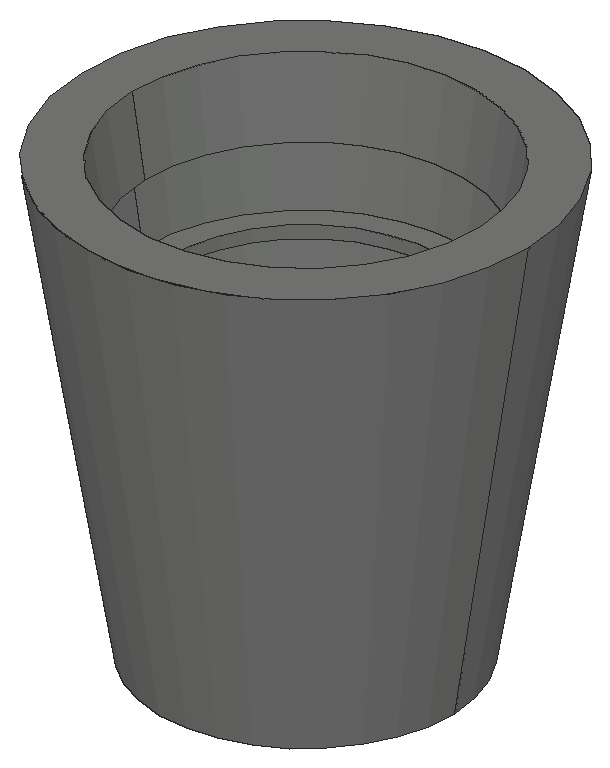
Revit family "Specialty_Equipment-Planter-Planters_Unlimited-Manhattan-Tapered-Round", category Specialty Equipment, Revit 2023
Family settings
  Round Connector Dimension = Use Diameter
  Part Type = Normal
  OmniClass Number = 23.40.05.21.17
  OmniClass Title = Planters
  Work Plane-Based = No
  Enable Cutting in Views = Yes
  Always vertical = Yes
  Cut with Voids When Loaded = No
  Maintain Annotation Orientation = No
  Shared = No
  Room Calculation Point = No
Parameters (values of type "Default - Load Type Catalog")
  URL = "https://www.plantersunlimited.com"
  Type Comments = "Round Tapered Planter"  # constant formula
  Model = "Modern Series Planters"  # constant formula
  Material = Plastic-Fiberglass-Carlsbad-Semi_Gloss-Charcoal
  Manufacturer = "Planters Unlimited"  # constant formula
  CD_Stiffener Offset Top = CD_Requested Diameter / 16  # 1 1/8"
  CD_Stiffener Offset Bottom = CD_Requested Diameter / 8  # 2 1/4"
  CD_Stiffener Diameter = CD_Requested Diameter  # 18"
  CD_Requested Length Bottom = CD_Requested Diameter / 1.5  # 12"
  CD_Requested Diameter = 18"
  CD_Requested Height = 18"
  Description = "Modular Planting Bed"  # constant formula
  Default Elevation = 0"
  CD_Specification = ""
  CD_Product Page URL = "https://www.plantersunlimited.com/stone-round-planters/"
  CD_Product Name = "Manhattan Planter"  # constant formula
  CD_Pads Offset Radius = (CD_Requested Length Bottom / 2) - 1"  # 5"
  CD_Pads Offset = CD_Pads Offset Radius / 1.4144  # 3 137/256"
  CD_Opening Diameter Top Two = CD_Requested Diameter - 4"  # 14"
  CD_Opening Diameter Bottom Two = CD_Requested Diameter - 5"  # 13"
  CD_Offset = 0"
  CD_Microsite = ""
  CD_Diameter Min = 18"
  CD_Diameter Max = 72"
  CD_Opening Diameter Top One = CD_Requested Diameter - 3 1/2"  # 14 1/2"
  CD_Opening Diameter Bottom One = CD_Opening Diameter Top One / 1.5  # 9.66667"
  CD_Height Min = 18"
  CD_Height Max = 60"
  CD_Height = if(CD_Requested Height < CD_Height Min, CD_Height Min, if(CD_Requested Height > CD_Height Max, CD_Height Max, CD_Requested Height))  # 18"
  CD_Diameter = if(CD_Requested Diameter < CD_Diameter Min, CD_Diameter Min, if(CD_Requested Diameter > CD_Diameter Max, CD_Diameter Max, CD_Requested Diameter))  # 18"
  Assembly Code = "G2050600"
Reference planes (in)
  plane 1 "Center (Front/Back)": y = 0
  plane 2 "Bottom": z = 0
  plane 3 "Center (Left/Right)": x = 0
  plane 4 "Left": x = -9
  plane 5 "Right": x = 9
  plane 6 "Top": z = 18
  plane 7 "Top of Pads": z = 0.125
  plane 8: z = 0
  plane 9 "Left Bottom": x = -6
  plane 10 "Right Bottom": x = 6
  plane 11 "Opening Bottom": z = 2.125
  plane 12 "Trim Left": x = -7
  plane 13 "Trim Right": x = 7
  plane 14 "Trim Depth": z = 15
  plane 15 "Stiffener Top": z = 12
  plane 16 "Stiffener Bottom": z = 6
  plane 17 "Left Opening Bottom": x = -4.83333
  plane 18 "Right Opening Bottom": x = 4.83333
Forms (in)
  Extrusion 1, solid, material "Plastic-Fiberglass-Carlsbad-Semi_Gloss-Charcoal" <- "Material", detail levels fine
    sketch origin (-7.97195, 1.20326, 0) x (1, 0, 0) y (0, 1, 0)
      loop
        line (7.43679, 2.3319) -> (4.43679, 2.3319) -> (4.43679, -0.6681) -> (7.43679, -0.6681) -> (7.43679, 2.3319)
      loop
        line (8.50711, 2.3319) -> (8.50711, -0.6681) -> (11.50711, -0.6681) -> (11.50711, 2.3319) -> (8.50711, 2.3319)
      loop
        line (7.43679, -4.73842) -> (7.43679, -1.73842) -> (4.43679, -1.73842) -> (4.43679, -4.73842) -> (7.43679, -4.73842)
      loop
        line (8.50711, -4.73842) -> (11.50711, -4.73842) -> (11.50711, -1.73842) -> (8.50711, -1.73842) -> (8.50711, -4.73842)
    from 0 to 0.125
  Blend 2, solid, material "Plastic-Fiberglass-Carlsbad-Semi_Gloss-Charcoal" <- "Material", detail levels fine
    base sketch origin (0, 0, 0) x (1, 0, 0) y (0, 1, 0)
      loop
        circle (0, 0) r 6
    top sketch origin (0, 0, 0) x (1, 0, 0) y (0, 1, 0)
      loop
        circle (0, 0) r 9
    from 0.125 to 18
  Blend 3, void
    base sketch origin (0, 0, 0) x (1, 0, 0) y (0, 1, 0)
      loop
        circle (0, 0) r 4.83333
    top sketch origin (0, 0, 0) x (1, 0, 0) y (0, 1, 0)
      loop
        circle (0, 0) r 7
    from 2.125 to 15
  Blend 4, void
    base sketch origin (0, 0, 0) x (1, 0, 0) y (0, 1, 0)
      loop
        circle (0, 0) r 6.5
    top sketch origin (0, 0, 0) x (1, 0, 0) y (0, 1, 0)
      loop
        circle (0, 0) r 7
    from 15 to 18
  Sweep 5, solid, material "Plastic-Fiberglass-Carlsbad-Semi_Gloss-Charcoal" <- "Material", detail levels fine
    path origin (0, 0, 18) x (1, 0, 0) y (0, 1, 0)
      loop
        circle (0, 0) r 9
    profile origin (0, 9, 18) x (0, -1, 0) y (0, 0, 1)
      loop
        line (2.25, -11.5) -> (2.25, -12) -> (4.5, -12) -> (4.5, -11.5) -> (2.25, -11.5)
  Sweep 6, solid, material "Plastic-Fiberglass-Carlsbad-Semi_Gloss-Charcoal" <- "Material", detail levels fine
    path origin (0, 0, 80) x (1, 0, 0) y (0, 1, 0)
      loop
        circle (0, 0) r 9
    profile origin (0, 9, 80) x (0, -1, 0) y (0, 0, 1)
      loop
        line (1.125, -67.5) -> (1.125, -68) -> (3.375, -68) -> (3.375, -67.5) -> (1.125, -67.5)
  Blend 7, solid, material "Plastic-Fiberglass-Carlsbad-Semi_Gloss-Charcoal" <- "Material", detail levels medium
    base sketch origin (0, 0, 0) x (1, 0, 0) y (0, 1, 0)
      loop
        circle (0, 0) r 6
    top sketch origin (0, 0, 0) x (1, 0, 0) y (0, 1, 0)
      loop
        circle (0, 0) r 9
    from 0 to 18
  Sweep 8, solid, material "Plastic-Fiberglass-Carlsbad-Semi_Gloss-Charcoal" <- "Material", detail levels medium
    path origin (0, 0, 18) x (1, 0, 0) y (0, 1, 0)
      loop
        circle (0, 0) r 9
    profile origin (0, 9, 18) x (0, -1, 0) y (0, 0, 1)
      loop
        line (2.25, -11.5) -> (2.25, -12) -> (4.5, -12) -> (4.5, -11.5) -> (2.25, -11.5)
  Sweep 9, solid, material "Plastic-Fiberglass-Carlsbad-Semi_Gloss-Charcoal" <- "Material", detail levels medium
    path origin (0, 0, 80) x (1, 0, 0) y (0, 1, 0)
      loop
        circle (0, 0) r 9
    profile origin (0, 9, 80) x (0, -1, 0) y (0, 0, 1)
      loop
        line (1.125, -67.5) -> (1.125, -68) -> (3.375, -68) -> (3.375, -67.5) -> (1.125, -67.5)
  Blend 10, solid, material "Plastic-Fiberglass-Carlsbad-Semi_Gloss-Charcoal" <- "Material", detail levels coarse
    base sketch origin (0, 0, 0) x (1, 0, 0) y (0, 1, 0)
      loop
        circle (0, 0) r 6
    top sketch origin (0, 0, 0) x (1, 0, 0) y (0, 1, 0)
      loop
        circle (0, 0) r 9
    from 0 to 18
Cuts and joins
  Blend 3 cuts Extrusion 1
  Blend 3, Blend 4 cuts Blend 2
  joined: Blend 2, Sweep 5, Sweep 6
  Blend 3, Blend 4 cuts Blend 7
  joined: Blend 7, Sweep 8, Sweep 9
  Blend 3, Blend 4 cuts Blend 10
Lines and regions (in)
  reference lines
    curve 1: circle (0, 0, 0) r 5 normal (0, 0, 1)
    curve 2: arc (7.25, 0, 0) -> (0, -7.25, 0) -> (-7.25, 0, 0) r 7.25
    curve 3: arc (-7.25, 0, 0) -> (0, 7.25, 0) -> (7.25, 0, 0) r 7.25
Dimensions and locks (in)
  equal spacing: plane 4 "Left", plane 3 "Center (Left/Right)", plane 5 "Right"
  "CD_Diameter": plane 4 "Left" to plane 5 "Right"
  equal spacing: plane 9 "Left Bottom", plane 3 "Center (Left/Right)", plane 10 "Right Bottom"
  "CD_Requested Length Bottom": plane 9 "Left Bottom" to plane 10 "Right Bottom"
  locked: plane 11 "Opening Bottom" to plane 7 "Top of Pads" at 2
  locked: plane 4 "Left" to plane 12 "Trim Left" at 2
  locked: plane 13 "Trim Right" to plane 5 "Right" at 2
  locked: plane 7 "Top of Pads" to plane 2 "Bottom" at 0.125
  "CD_Offset": plane 2 "Bottom" to level
  "CD_Height": plane 6 "Top" to plane 2 "Bottom"
  equal spacing: plane 6 "Top", plane 15 "Stiffener Top", plane 16 "Stiffener Bottom", plane 2 "Bottom"
  locked: Extrusion 1 sketch curve to Extrusion 1 sketch curve at 3  (x8)
  "CD_Pads Offset": cut or joined group of Extrusion 1, Blend 3 to plane 1 "Center (Front/Back)"  (x3)
  "CD_Pads Offset": cut or joined group of Extrusion 1, Blend 3 to plane 3 "Center (Left/Right)"  (x2)
  "CD_Pads Offset": plane 1 "Center (Front/Back)" to cut or joined group of Extrusion 1, Blend 3
  "CD_Pads Offset": plane 3 "Center (Left/Right)" to cut or joined group of Extrusion 1, Blend 3  (x2)
  locked: plane 6 "Top" to plane 14 "Trim Depth" at 3
  equal spacing: plane 17 "Left Opening Bottom", plane 3 "Center (Left/Right)", plane 18 "Right Opening Bottom"
  "CD_Opening Diameter Bottom One": plane 17 "Left Opening Bottom" to plane 18 "Right Opening Bottom"
  "CD_Stiffener Offset Bottom": profile plane to Sweep 5 sketch curve
  locked: Sweep 5 sketch curve to Sweep 5 sketch curve at 2.25
  locked: Sweep 5 sketch curve to Sweep 5 sketch curve at 0.5
  "CD_Stiffener Offset Top": profile plane to Sweep 6 sketch curve
  locked: Sweep 6 sketch curve to Sweep 6 sketch curve at 2.25
  locked: Sweep 6 sketch curve to Sweep 6 sketch curve at 0.5
  "CD_Stiffener Offset Bottom": profile plane to Sweep 8 sketch curve
  locked: Sweep 8 sketch curve to Sweep 8 sketch curve at 2.25
  locked: Sweep 8 sketch curve to Sweep 8 sketch curve at 0.5
  "CD_Stiffener Offset Top": profile plane to Sweep 9 sketch curve
  locked: Sweep 9 sketch curve to Sweep 9 sketch curve at 2.25
  locked: Sweep 9 sketch curve to Sweep 9 sketch curve at 0.5
  "CD_Requested Length Bottom": diameter of Blend 2 sketch curve
  "CD_Diameter": diameter of Blend 2 sketch curve
  "CD_Opening Diameter Bottom One": diameter of Blend 3 sketch curve
  "CD_Opening Diameter Top Two": diameter of Blend 3 sketch curve
  "CD_Pads Offset Radius": radius of curve 1
  "CD_Opening Diameter Bottom Two": diameter of Blend 4 sketch curve
  "CD_Opening Diameter Top Two": diameter of Blend 4 sketch curve
  "CD_Stiffener Diameter": diameter of Sweep 6 sketch curve
  "CD_Requested Length Bottom": diameter of Blend 7 sketch curve
  "CD_Diameter": diameter of Blend 7 sketch curve
  "CD_Stiffener Diameter": diameter of Sweep 9 sketch curve
  "CD_Stiffener Diameter": diameter of Sweep 8 sketch curve
  "CD_Requested Length Bottom": diameter of Blend 10 sketch curve
  "CD_Diameter": diameter of Blend 10 sketch curve
  aligned and locked: plane 7 "Top of Pads" to Extrusion 1
  aligned and locked: Extrusion 1 to plane 2 "Bottom"
  aligned and locked: plane 1 "Center (Front/Back)" to Blend 2 sketch curve  (x2)
  aligned and locked: plane 3 "Center (Left/Right)" to Blend 2 sketch curve  (x2)
  aligned and locked: Blend 2 to plane 7 "Top of Pads"
  aligned and locked: plane 1 "Center (Front/Back)" to Blend 3 sketch curve  (x2)
  aligned and locked: plane 3 "Center (Left/Right)" to Blend 3 sketch curve  (x2)
  aligned and locked: Blend 3 to plane 11 "Opening Bottom"
  aligned and locked: plane 14 "Trim Depth" to Blend 3
  aligned and locked: Blend 4 to plane 14 "Trim Depth"
  aligned and locked: plane 6 "Top" to Blend 4
  aligned and locked: Blend 4 to Blend 3
  aligned and locked: plane 6 "Top" to Blend 2
  aligned and locked: Sweep 5 sketch curve to plane 16 "Stiffener Bottom"
  aligned and locked: Sweep 6 sketch curve to plane 15 "Stiffener Top"
  aligned and locked: Blend 7 to plane 2 "Bottom"
  aligned and locked: plane 6 "Top" to Blend 7
  aligned and locked: Sweep 9 sketch curve to plane 15 "Stiffener Top"
  aligned and locked: Sweep 8 sketch curve to plane 16 "Stiffener Bottom"
  aligned and locked: plane 1 "Center (Front/Back)" to Blend 7 sketch curve  (x2)
  aligned and locked: plane 3 "Center (Left/Right)" to Blend 7 sketch curve  (x2)
  aligned and locked: Blend 10 to plane 2 "Bottom"
  aligned and locked: plane 6 "Top" to Blend 10
  aligned and locked: plane 1 "Center (Front/Back)" to Blend 10 sketch curve
  aligned and locked: plane 3 "Center (Left/Right)" to Blend 10 sketch curve
Automatic sketch dimensions
  plane 17 "Left Opening Bottom" to Extrusion 1 sketch curve = 1.29817"  (x2)
  plane 18 "Right Opening Bottom" to Extrusion 1 sketch curve = 4.29817"  (x2)
  plane 1 "Center (Front/Back)" to Extrusion 1 sketch curve = 3 137/256"  (x2)
  Extrusion 1 sketch curve to plane 1 "Center (Front/Back)" = 137/256"  (x2)
  curve 1 to curve 3 = 0"  (x2)
  plane 1 "Center (Front/Back)" to curve 3 = 0"
  curve 2 to plane 3 "Center (Left/Right)" = 0"
  curve 2 to plane 12 "Trim Left" = 1/4"
  plane 1 "Center (Front/Back)" to Blend 4 sketch curve = 0"  (x2)
  Blend 4 sketch curve to plane 3 "Center (Left/Right)" = 0"  (x2)
  plane 1 "Center (Front/Back)" to Sweep 6 sketch curve = 0"
  Sweep 6 sketch curve to plane 3 "Center (Left/Right)" = 0"
  plane 1 "Center (Front/Back)" to Sweep 9 sketch curve = 0"
  Sweep 9 sketch curve to plane 3 "Center (Left/Right)" = 0"
  plane 1 "Center (Front/Back)" to Blend 10 sketch curve = 0"
  Blend 10 sketch curve to plane 3 "Center (Left/Right)" = 0"
  radius of Sweep 5 sketch curve to Blend 2 = 0"
